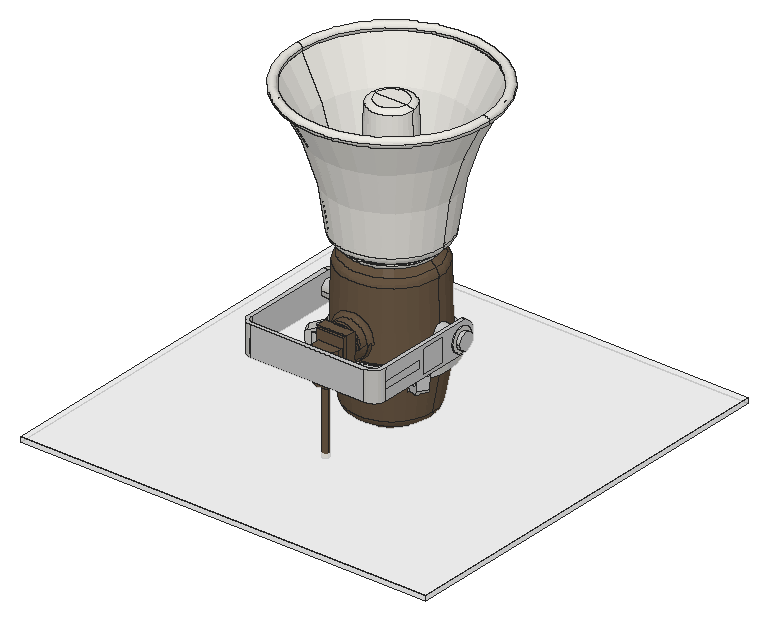
Revit family "TP-M15D", category Communication Devices, host Face, Revit 2016
Family settings
  Host = Face
  Maintain Annotation Orientation = No
  Part Type = Normal
  Round Connector Dimension = Use Diameter
  OmniClass Number = 23.85.10.11.14
  OmniClass Title = Audio Equipment
  Cut with Voids When Loaded = Yes
  Shared = No
  Room Calculation Point = No
Parameters (values of type "TP-M15D")
  Weight = "4.3 kg"
  WALL MOUNT SPEAKERS = "EXPLOSION-PROOF SPEAKER"
  Standard Environmental Condition = "Temperature: -20°C to + 40°C ||| Elevation: 1km or less ||| Relative Humidity: 45% to 85% ||| Others: Dust, corrosive gas or vibration which requires special considerations to be provided in the explosion-proof facility must not exist."
  Product URL = "https://www.toa-products.com/international/download/specification/tp-m15d_sa1e.pdf"  # constant formula
  Other = Dark Brown
  URL = "http://toa.com.sg"
  Sensitivity = "104 dB (1 W, 1 m)"
  Rated Input = "15W"
  Rated Impedance = "670 Ω (15 W), 1 kΩ (10 W), 2 kΩ(5 W)"
  Model By = "BIMLIFE PTE LTD"  # constant formula
  Model = "TP-M15D"
  Manufacturer = "TOA Electronics Pte Ltd"  # constant formula
  Supplier Tel = "+65 6835 9119"  # constant formula
  Supplier Fax = "+65 6835 9559"  # constant formula
  Supplier Address = "491B River Valley Road, #19-03/04 Valley Point Office Tower, Singapore 248373"  # constant formula
  Supplier = "TOA Electronics Pte Ltd"  # constant formula
  Suppiler Email = "http://toa.com.sg"  # constant formula
  Horn = Ivory
  Frequency Response = "350 Hz – 4.5 kHz"
  Finish = "Horn: Ivory ||| Others: Dark Brown ||| Bracket Materials: Surface zinc treated steel plate (SECC, t3.2)"
  Dimension = "ø242 x 368 (D) mm"
  Default Elevation = 0 mm
  Copyright To = "TOA Electronics Pte Ltd"  # constant formula
  Category = "eG4 (Increased safety explosion-proof)"
  Bracket Materials = Surface Zinc Treated Steel Plate
Reference planes
  plane 1 "Center (Front/Back)": y = 0
  plane 2: z = 0
  plane 3 "Center (Left/Right)": x = 0
  plane 4: z = 186
  plane 5: z = 110
Forms (mm)
  Extrusion 1, solid, material "Surface"
    sketch origin (1.238, -13.929, 0) x (1, 0, 0) y (0, 1, 0)
      loop
        line (-250, 250) -> (-250, -250) -> (251.666, -250) -> (251.666, 250) -> (-250, 250)
    from 0 to -6.497
  Revolve 2, solid, material "Ivory" <- "Horn"
    sketch origin (0, 0, 180) x (1, 0, 0) y (0, 0, 1)
      loop
        arc (-114, 180) -> (-79.817, 105.426) -> (-64.309, 24.871) r 343.185
        arc (-64.309, 24.871) -> (-62.979, 20.548) -> (-59.88, 17.254) r 10
        line (-59.88, 17.254) -> (-52, 12) -> (-52, 10)
        arc (-52, 10) -> (-50.828, 7.172) -> (-48, 6) r 4
        line (-48, 6) -> (-45, 5) -> (-45, 0) -> (0, 0) -> (0, 180) -> (-114, 180)
      axis (0, 0) -> (0, 180)
    angle from 0 to 360
  Revolve 3, solid, material "Dark Brown" <- "Other"
    sketch origin (0, 0, 0) x (1, 0, 0) y (0, 0, 1)
      loop
        line (-33, 0) -> (0, 0) -> (0, 186) -> (-46, 186) -> (-54.317, 177.683)
        arc (-54.317, 177.683) -> (-57.224, 173.586) -> (-58.616, 168.759) r 15
        arc (-58.616, 168.759) -> (-62.061, 119.437) -> (-61.287, 70) r 579.052
        line (-61.287, 70) -> (-60.913, 68.856)
        arc (-60.913, 68.856) -> (-57.532, 42.747) -> (-51.53, 17.113) r 260.219
        arc (-51.53, 17.113) -> (-49.34, 12.571) -> (-45.767, 9.012) r 15
        line (-45.767, 9.012) -> (-33, 0)
      axis (0, 186) -> (0, 0)
    angle from 0 to 360
  Revolve 4, void
    sketch origin (0, 0, 180) x (1, 0, 0) y (0, 0, 1)
      loop
        arc (-111.5, 180) -> (-77.317, 105.426) -> (-61.809, 24.871) r 343.185
        arc (-61.809, 24.871) -> (-60.479, 20.548) -> (-57.38, 17.254) r 10
        line (-57.38, 17.254) -> (-49.5, 12) -> (-49.5, 10)
        arc (-49.5, 10) -> (-48.328, 7.172) -> (-45.5, 6) r 4
        line (-45.5, 6) -> (-42.5, 5) -> (-42.5, 0) -> (0, 0) -> (0, 180) -> (-111.5, 180)
      axis (0, 0) -> (0, 180)
    angle from 0 to 360
  Revolve 5, solid, material "Ivory" <- "Horn"
    sketch origin (0, 0, 0) x (1, 0, 0) y (0, 0, 1)
      loop
        line (0, 185) -> (0, 346.857) -> (-19.283, 346.857)
        arc (-19.283, 346.857) -> (-23.541, 345.719) -> (-26.663, 342.608) r 8.534
        line (-26.663, 342.608) -> (-32.5, 185) -> (0, 185)
      axis (0, 185) -> (0, 346.857)
    angle from 0 to 360
  Extrusion 6, solid, material "Surface Zinc Treated Steel Plate" <- "Bracket Materials"
    sketch origin (0, 0, 0) x (0, 1, 0) y (0, 0, 1)
      loop
        circle (0, 110) r 10
    from 56.61 to 92.825
  Extrusion 7, solid, material "Surface Zinc Treated Steel Plate" <- "Bracket Materials"
    sketch origin (0, 0, 92.5) x (1, 0, 0) y (0, 1, 0)
      loop
        line (-80, 25) -> (-85, 25) -> (-85, -115)
        arc (-85, -115) -> (-80.607, -125.607) -> (-70, -130) r 15
        line (-70, -130) -> (70, -130)
        arc (70, -130) -> (80.607, -125.607) -> (85, -115) r 15
        line (85, -115) -> (85, 25) -> (80, 25) -> (80, -116)
        arc (80, -116) -> (78.473, -121.311) -> (74.359, -125) r 10
        line (74.359, -125) -> (-74.359, -125)
        arc (-74.359, -125) -> (-78.473, -121.311) -> (-80, -116) r 10
        line (-80, -116) -> (-80, 25)
    from -0.5 to 35.5
  Extrusion 8, void
    sketch origin (0, 0, 0) x (0, 1, 0) y (0, 0, 1)
      loop
        line (8.718, 92) -> (25, 92) -> (25, 128) -> (8.718, 128)
        arc (8.718, 128) -> (20, 110) -> (8.718, 92) r 20
    from 80 to 85
  Extrusion 9, void
    sketch origin (0, 0, 0) x (0, 1, 0) y (0, 0, -1)
      loop
        arc (2, -92) -> (20, -110) -> (2, -128) r 18
        line (2, -128) -> (25, -128) -> (25, -92) -> (2, -92)
    from 80 to 85
  Extrusion 10, solid
    sketch origin (0, 0, 0) x (0, 1, 0) y (0, 0, 1)
      loop
        circle (0, 110) r 10
      loop
        circle (0, 110) r 14
    from 85 to 87.517
  Extrusion 11, solid, material "Surface Zinc Treated Steel Plate" <- "Bracket Materials"
    sketch origin (0, 0, 0) x (0, 1, 0) y (0, 0, -1)
      loop
        circle (0, -110) r 10
      loop
        circle (0, -110) r 14
    from 85 to 87.517
  Extrusion 12, solid, material "Dark Brown" <- "Other"
    sketch origin (0, 0, 360) x (0, 1, 0) y (-1, 0, 0)
      loop
        line (-100, -14) -> (-95.2, -14) -> (-95.2, 14) -> (-100, 14)
        arc (-100, 14) -> (-114, 0) -> (-100, -14) r 14
    from -283 to -243.884
  Extrusion 13, solid, material "Dark Brown" <- "Other"
    sketch origin (0, 0, 360) x (0, 1, 0) y (-1, 0, 0)
      loop
        circle (0, 0) r 65
      loop
        circle (0, 0) r 57.522
    from -282 to -274
  Extrusion 14, solid, material "Dark Brown" <- "Other"
    sketch origin (0, 0, 354.062) x (0, 1, 0) y (-1, 0, 0)
      loop
        circle (0, 0) r 65
      loop
        circle (0, 0) r 57.522
    from -284.062 to -276.062
  Sweep 15, solid, material "Ivory" <- "Horn"
    path in 3D
      loop
        arc (114, 0, 360) -> (0, -114, 360) -> (-114, 0, 360) r 114
        arc (-114, 0, 360) -> (0, 114, 360) -> (114, 0, 360) r 114
    profile origin (0, 114, 360) x (0, 1, 0) y (0, 0, 1)
      loop
        circle (1.953, 3.047) r 5
  Extrusion 16, solid, material "Surface Zinc Treated Steel Plate" <- "Bracket Materials"
    sketch origin (84.8, -130, 92.5) x (0, 1, 0) y (0, 0, 1)
      loop
        line (65.2, 21.5) -> (14, 21.5) -> (14, 13.5) -> (65.2, 13.5) -> (65.2, 21.5)
      loop
        line (101.2, 31.5) -> (73.2, 31.5) -> (73.2, 3.5) -> (101.2, 3.5) -> (101.2, 31.5)
    from 0 to 0.8
  Extrusion 17, solid, material "Surface Zinc Treated Steel Plate" <- "Bracket Materials"
    sketch origin (0, 0, 70) x (-1, 0, 0) y (0, 1, 0)
      loop
        circle (0, 0) r 65
      loop
        arc (-54.973, -43.335) -> (-0.137, -70) -> (54.803, -43.55) r 70
        arc (54.803, -43.55) -> (69.381, -40.239) -> (65.016, -25.941) r 10.205
        arc (65.016, -25.941) -> (60.69, 34.881) -> (10.314, 69.236) r 70
        arc (10.314, 69.236) -> (0.157, 80.205) -> (-10.042, 69.276) r 10.205
        arc (-10.042, 69.276) -> (-60.553, 35.119) -> (-65.117, -25.686) r 70
        arc (-65.117, -25.686) -> (-69.538, -39.966) -> (-54.973, -43.335) r 10.205
      loop
        circle (-60.69, -34.881) r 3
      loop
        circle (60.553, -35.119) r 3
      loop
        circle (0.137, 70) r 3
    from -16 to 0
  Extrusion 18, solid, material "Surface Zinc Treated Steel Plate" <- "Bracket Materials"
    sketch origin (0, 0, 0) x (0, 1, 0) y (0, 0, -1)
      loop
        circle (0, -110) r 10
    from 56.61 to 92.825
  Extrusion 19, solid, material "Dark Brown" <- "Other"
    sketch origin (0, -2, 77) x (-1, 0, 0) y (0, 1, 0)
      loop
        circle (0, -100) r 4
    from 0 to 82
  Revolve 20, solid, material "Dark Brown" <- "Other"
    sketch origin (0, -76.258, 114.6) x (0, 1, 0) y (-1, 0, 0)
      loop
        arc (9.5, 0) -> (-2.5, 12) -> (-14.5, 0) r 12
        line (-14.5, 0) -> (9.5, 0)
      axis (9.5, 0) -> (-14.5, 0)
    angle from 0 to 360
  Extrusion 21, void
    sketch origin (0, 0, 77) x (0, 1, 0) y (-1, 0, 0)
      loop
        circle (70, 0.137) r 3
    from -22.63 to 35.627
  Extrusion 22, solid, material "Surface Zinc Treated Steel Plate" <- "Bracket Materials"
    sketch origin (-92.676, -680, 0) x (0, 1, 0) y (0, 0, -1)
      loop
        line (745.515, -92.78) -> (760.572, -87.258)
        arc (760.572, -87.258) -> (763.01, -85.34) -> (763.848, -82.352) r 5
        line (763.848, -82.352) -> (763.168, -66.03)
        arc (763.168, -66.03) -> (761.928, -62.94) -> (759.023, -61.313) r 5
        line (759.023, -61.313) -> (743.474, -58.629)
        arc (743.474, -58.629) -> (740.724, -57.171) -> (739.369, -54.37) r 5
        arc (739.369, -54.37) -> (740.303, -62.173) -> (741, -70) r 260.219
        line (741, -70) -> (749.236, -70) -> (749.236, -86) -> (742, -86)
        arc (742, -86) -> (742.148, -91.763) -> (742.239, -97.528) r 579.052
        arc (742.239, -97.528) -> (743.124, -94.634) -> (745.515, -92.78) r 5
    from -99.211 to -86.226
  Extrusion 23, solid, material "Dark Brown" <- "Other"
    sketch origin (0, 0, 70) x (0, -1, 0) y (-1, 0, 0)
      loop
        line (80, 18) -> (80, -18) -> (91.2, -18) -> (91.2, 18) -> (80, 18)
    from -60 to -7
  Extrusion 24, solid, material "Dark Brown" <- "Other"
    sketch origin (0, 0, 70) x (0, -1, 0) y (-1, 0, 0)
      loop
        line (91.2, -16.4) -> (95.2, -16.4) -> (95.2, 16.4) -> (91.2, 16.4) -> (91.2, -16.4)
    from -58 to -7
  Revolve 25, solid, material "Dark Brown" <- "Other"
    sketch origin (0, 0, 0) x (0, 1, 0) y (0, 0, -1)
      loop
        line (-80, -110) -> (-80, -131) -> (-77.914, -131)
        arc (-77.914, -131) -> (-77.366, -131.725) -> (-76.5, -132) r 1.5
        line (-76.5, -132) -> (-66.328, -132)
        arc (-66.328, -132) -> (-62.894, -133.365) -> (-61.336, -136.716) r 5
        arc (-61.336, -136.716) -> (-61.382, -123.322) -> (-60, -110) r 125.391
        line (-60, -110) -> (-80, -110)
      axis (-80, -110) -> (-60, -110)
    angle from -90 to 90
  Revolve 26, solid, material "Dark Brown" <- "Other"
    sketch origin (0, 0, 0) x (0, 1, 0) y (0, 0, -1)
      loop
        line (-61.8, -86) -> (-66, -86) -> (-66, -87.553)
        arc (-66, -87.553) -> (-72.884, -89.357) -> (-80, -89.34) r 27.58
        line (-80, -89.34) -> (-80, -110) -> (-61.8, -110)
        arc (-61.8, -110) -> (-62.382, -98) -> (-61.8, -86) r 123.968
      axis (-80, -110) -> (-61.8, -110)
    angle from 90 to -90
  Extrusion 27, void, not visible
    sketch origin (0, 0, 77) x (0, 1, 0) y (-1, 0, 0)
      loop
        circle (70, 0.137) r 3
    from -22.63 to 35.627
  Extrusion 28, solid, material "Surface Zinc Treated Steel Plate" <- "Bracket Materials", not visible
    sketch origin (-92.676, -680, 0) x (0, 1, 0) y (0, 0, -1)
      loop
        line (745.515, -92.78) -> (760.572, -87.258)
        arc (760.572, -87.258) -> (763.01, -85.34) -> (763.848, -82.352) r 5
        line (763.848, -82.352) -> (763.168, -66.03)
        arc (763.168, -66.03) -> (761.928, -62.94) -> (759.023, -61.313) r 5
        line (759.023, -61.313) -> (743.474, -58.629)
        arc (743.474, -58.629) -> (740.724, -57.171) -> (739.369, -54.37) r 5
        arc (739.369, -54.37) -> (740.303, -62.173) -> (741, -70) r 260.219
        line (741, -70) -> (749.236, -70) -> (749.236, -86) -> (742, -86)
        arc (742, -86) -> (742.148, -91.763) -> (742.239, -97.528) r 579.052
        arc (742.239, -97.528) -> (743.124, -94.634) -> (745.515, -92.78) r 5
    from -99.211 to -86.226
  Extrusion 29, void
    sketch origin (0, 0, 77) x (0.866025, -0.5, 0) y (0.5, 0.866025, 0)
      loop
        circle (70, 0.137) r 3
    from -22.63 to 35.627
  Extrusion 30, solid, material "Surface Zinc Treated Steel Plate" <- "Bracket Materials"
    sketch origin (-542.559, 420.26, 0) x (0.866025, -0.5, 0) y (0, 0, -1)
      loop
        line (745.515, -92.78) -> (760.572, -87.258)
        arc (760.572, -87.258) -> (763.01, -85.34) -> (763.848, -82.352) r 5
        line (763.848, -82.352) -> (763.168, -66.03)
        arc (763.168, -66.03) -> (761.928, -62.94) -> (759.023, -61.313) r 5
        line (759.023, -61.313) -> (743.474, -58.629)
        arc (743.474, -58.629) -> (740.724, -57.171) -> (739.369, -54.37) r 5
        arc (739.369, -54.37) -> (740.303, -62.173) -> (741, -70) r 260.219
        line (741, -70) -> (749.236, -70) -> (749.236, -86) -> (742, -86)
        arc (742, -86) -> (742.148, -91.763) -> (742.239, -97.528) r 579.052
        arc (742.239, -97.528) -> (743.124, -94.634) -> (745.515, -92.78) r 5
    from -99.211 to -86.226
  Extrusion 31, void
    sketch origin (0, 0, 77) x (-0.866025, -0.5, 0) y (0.5, -0.866025, 0)
      loop
        circle (70, 0.137) r 3
    from -22.63 to 35.627
  Extrusion 32, solid, material "Surface Zinc Treated Steel Plate" <- "Bracket Materials"
    sketch origin (635.235, 259.74, 0) x (-0.866025, -0.5, 0) y (0, 0, -1)
      loop
        line (745.515, -92.78) -> (760.572, -87.258)
        arc (760.572, -87.258) -> (763.01, -85.34) -> (763.848, -82.352) r 5
        line (763.848, -82.352) -> (763.168, -66.03)
        arc (763.168, -66.03) -> (761.928, -62.94) -> (759.023, -61.313) r 5
        line (759.023, -61.313) -> (743.474, -58.629)
        arc (743.474, -58.629) -> (740.724, -57.171) -> (739.369, -54.37) r 5
        arc (739.369, -54.37) -> (740.303, -62.173) -> (741, -70) r 260.219
        line (741, -70) -> (749.236, -70) -> (749.236, -86) -> (742, -86)
        arc (742, -86) -> (742.148, -91.763) -> (742.239, -97.528) r 579.052
        arc (742.239, -97.528) -> (743.124, -94.634) -> (745.515, -92.78) r 5
    from -99.211 to -86.226
Cuts and joins
  Revolve 4 cuts Revolve 2
  Extrusion 8 cuts Revolve 3
  Extrusion 8, Extrusion 9 cuts Extrusion 7
  joined: Extrusion 12, Extrusion 23, Extrusion 24
  Extrusion 21, Extrusion 29, Extrusion 31 cuts Extrusion 22
  Extrusion 29 cuts Extrusion 30
  Extrusion 31 cuts Extrusion 32
Lines and regions (mm)
  sketch lines
    curve 1: arc (-114, 0, 360) -> (0, 114, 360) -> (114, 0, 360) r 114
    curve 2: arc (114, 0, 360) -> (0, -114, 360) -> (-114, 0, 360) r 114
  model lines
    curve 3: circle (-92.825, 0, 110) r 8 normal (-1, 0, 0)
    curve 4: circle (92.825, 0, 110) r 8 normal (1, 0, 0)
  symbolic lines
    curve 5: line (-92.825, 76, 77.969) -> (-92.825, -69.689, 77.969)
Dimensions and locks
  Revolve 2 to plane 4 to level = 174 mm, 186 mm
  plane 5 to level = 110 mm
  aligned and locked: plane 2 to Extrusion 1
  aligned and locked: level to Extrusion 1
  aligned and locked: plane 4 to cut or joined group of Revolve 3, Extrusion 8
